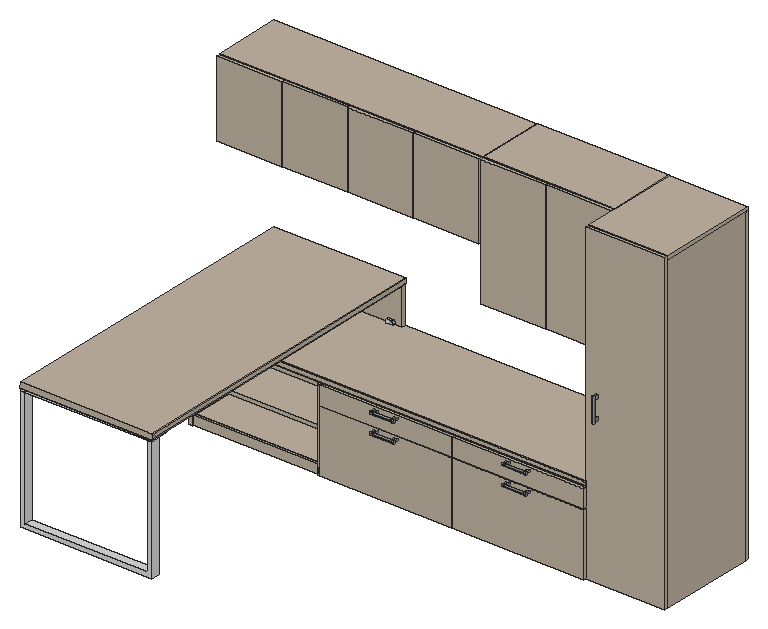
Revit family "JSI-Vision-Typical_Laminate-VST107", category Furniture, Revit 2020
Family settings
  OmniClass Number = 23.40.20.00
  OmniClass Title = General Furniture and Specialties
  Work Plane-Based = No
  Always vertical = Yes
  Cut with Voids When Loaded = No
  Shared = No
  Room Calculation Point = No
Parameters (values of type "VST107")
  URL = "www.jsifurniture.com"
  Type Comments = "Typical Laminate"  # constant formula
  Model = "VST107"
  Manufacturer = "JSI"  # constant formula
  Keynote = "12500"
  Default Elevation = 0"
  Assembly Code = "E2020200"
Reference planes (in)
  plane 1 "Center Front/Back": y = 0
  plane 2: z = 0
  plane 3 "Center Left/Right": x = 0
Dimensions and locks (in)
  aligned and locked: plane 2 to level
Nested families (in)
  nested 1: "JSI-Vision-Double_Height_Wall_Mount_Overhead_Cabinets" at (-47.875, 0, -0.3125), type "VST1630WDSO, Laminate Dbl Height Wall Mount OH Cab. 16" x 30", 2 Doors"
    with Overall Height 72", Verticall Partition Distance 29 9/16", Unit Centre 15", Width 30", Right Vertical Partition no, Left Vertical Partition no, Door Width Actual 14 11/16", Door Array Spacing 14 13/16", Door Width 14 11/16", # of Doors 2
  nested 2: "JSI-Vision-Wall_Mount_Overhead_Cabinets" at (-107.875, 0, -0.3125), type "VST1660WSO, Laminate Wall Mount OH Cab. 16" x 60", 4 Doors"
    with Overall Height 72", Verticall Partition Distance 29 3/4", Unit Centre 30", Width 60", Door Width Actual 14 25/32", Door Array Spacing 14 29/32", Door Width 14 25/32"
  nested 3: "JSI-Vision-Wardrobe" at (-17.875, 0, 0), type "VST2418-72WR - Wardrobe - 1 Doors 36"W x 24"D x 72"H"
    with Vertical Partition no, Top-Right Shelve no, Width 18", Unit Centre 8 15/16", Shelve Width 7 13/16", Right surface Dist. to Vertical Partition 3/4", Pull Distance 15 1/4", Left Shelves no, Left Door no, Height 72", Hanging Bar Distance 6 3/4", Door Width 17 3/4", Bottom-Right Shelves yes, Adjustable Shelves Array Distance 13.95", Actual Width 17 7/8", Actual Height 71 11/16", # of Adjustable Shelves 4
  nested 4: "JSI-Vision-Rectangle_Desk_Top" at (-107.6875, -72.125, -1.4594) x (0, 1, 0) z (0, 0, 1), type "VST3072MCT, Laminate Rectangular Desk Top, 30" x 72""
    with Width 72"
  nested 5: "JSI-Vision-Open_Shelf_Modular_Bench_Pedestal" at (-107.875, -0.75, 0), type "VSTB2430MOS, Laminate OS Modular Bench H Ped"
    with Width 30", Height 18.744", Depth 24"
  nested 6: "JSI-Vision-Bench_Height_Modular_Top" at (-107.875, 0, -0.6469), type "VSTB2490MT, Laminate Mod Bench H Top, 24" x 90""
    with Width 90", Depth 24"
  nested 7: "JSI-Vision-Box_File_Modular_Bench_Pedestal" at (-77.875, -0.375, 0), type "VSTB2430MBF, Laminate BF Modular Bench H Ped"
    with Width 30", Height 18.744", Depth 24"
  nested 8: "JSI-Vision-Box_File_Modular_Bench_Pedestal" at (-47.875, -0.375, 0), type "VSTB2430MBF, Laminate BF Modular Bench H Ped"
    with Width 30", Height 18.744", Depth 24"
  nested 9: "JSI-Vision-Bench_Height_Support_with_Metal_Braces" at (-77.875, -0.125, 0.5406) x (0, -1, 0) z (0, 0, 1), type "VSTB1030ASP, Vision Bench Height Support with Metal Braces 8 1/2"H, 30"W"
  nested 10: "JSI-Vision-Metal_Rectangular_Base" at (-77.78125, -71.125, 0) x (0, -1, 0) z (0, 0, 1), type "VSB3028FSQ, Metal Rectangular Base for Peninsula 28 5/16"H"
  nested 11: "JSI-Vision-Support_Rail_Work_Surface" at (-93.6875, -62.125, 0.79088) x (0, 1, 0) z (0, 0, 1), type "GP0249SB, Metal Support Rail for Work Surface  2W49 L 3/4H"
  nested 12: "JSI-Vision-Filler_Back_Panel_for_Bench_Height" at (-107.875, 0, 0), type "VSTB0419MBK, Filler Back Panel for Bench Height 18 3/4"H, 4"W"
Definition of nested family "JSI-Vision-Double_Height_Wall_Mount_Overhead_Cabinets"
  Parameters (values of type "Double H Wall Mount OH - Type Catalog Family")
    Verticall Partition Distance = (Door Width * 2) + 3/16"  # 29 13/16"
    Unit Centre = Width / 2  # 45"
    Top = none
    Width = 90"
    URL = "www.jsifurniture.com"
    Type Comments = ""
    Tag = "4 Doors"
    Series = "Vision Casegoods"  # constant formula
    Right Vertical Partition = yes
    Overhead Height = 1 1/2"
    Overall Height [instance] = 72"
    Model = "Type Catalog"
    Material = ""
    Manufacturer = "JSI"  # constant formula
    Left Vertical Partition = yes
    Keynote = "12500"  # constant formula
    JSI Enviromental Website = "http://www.jsifurniture.com/jsi_sustainability_intro.php"
    Height = 30"
    Door Width Actual = if(# of Doors > 4, ((Width - 1 1/8") / # of Doors), if(# of Doors > 3, (((Width - 1 1/8") / # of Doors) + 1/16"), if(# of Doors > 2, (((Width - 1 1/8") / # of Doors) + 1/8"), (((Width - 1 1/8") / # of Doors) + 1/4"))))  # 14 13/16"
    Door Array Spacing = Door Width + 1/8"  # 14 15/16"
    Door Width = Door Width Actual  # 14 13/16"
    Door Front = none
    Description = "Type Catalog"
    Depth = 16"
    Default Elevation = 0"
    Chassis = none
    Assembly Code = "E2020200"
    # of Doors = if(Width > 89", 6, (if(Width > 53", 4, (if(Width > 41", 3, (if(Width > 30", 2, 2)))))))  # 6
  Reference planes (in)
    plane 1 "Center Front/Back": y = 0
    plane 2: z = 0
    plane 3 "Center Left/Right": x = 0
    plane 4: z = 0
    plane 5: y = -0.125
    plane 6: x = 90
    plane 7: x = 0.125
    plane 8: x = 89.875
    plane 9: y = -15.5625
    plane 10: y = -16
    plane 11: z = 72
    plane 12: z = 71.5
    plane 13: x = 0.875
    plane 14: x = 89.125
    plane 15: y = -0.875
    plane 16: z = 71.25
    plane 17: z = 44
    plane 18: z = 44.75
    plane 19: z = 42.5
    plane 20: y = -14.8125
    plane 21: z = 58
    plane 22: x = 0.25
    plane 23: x = 89.75
    plane 24: z = 71.9375
    plane 25: z = 42.6875
    plane 26: y = -15.6875
    plane 27: y = -16.4375
    plane 28: x = 45
    plane 29: x = 30.0625
    plane 30: x = 59.9375
    plane 31: z = 42.5
    plane 32: z = 72.5
    plane 33: z = 66.0625
    plane 34: x = 1.5
    plane 35: x = 88.5
    plane 36: z = 48.0625
  Forms (in)
    Extrusion 1, solid, material <- "Chassis"
      sketch origin (0, 0, 0) x (1, 0, 0) y (0, 1, 0)
        loop
          line (0.125, -0.125) -> (0.125, -15.5625) -> (0.875, -15.5625) -> (0.875, -0.125) -> (0.125, -0.125)
      from 42.5 to 71.25
    Extrusion 2, solid, material <- "Chassis"
      sketch origin (0, 0, 0) x (1, 0, 0) y (0, 1, 0)
        loop
          line (89.875, -0.125) -> (89.125, -0.125) -> (89.125, -15.5625) -> (89.875, -15.5625) -> (89.875, -0.125)
      from 42.5 to 71.25
    Extrusion 3, solid, material <- "Top"
      sketch origin (0, 0, 0) x (1, 0, 0) y (0, 0, 1)
        loop
          line (0.125, 72) -> (0.125, 71.25) -> (89.875, 71.25) -> (89.875, 72) -> (0.125, 72)
      from 0.125 to 15.5625
    Extrusion 4, solid, material <- "Chassis"
      sketch origin (0, 0, 0) x (1, 0, 0) y (0, 0, 1)
        loop
          line (0.875, 44.75) -> (0.875, 44) -> (89.125, 44) -> (89.125, 44.75) -> (0.875, 44.75)
      from 1.6875 to 15.5625
    Extrusion 5, solid, material <- "Chassis"
      sketch origin (0, 0, 0) x (1, 0, 0) y (0, 1, 0)
        loop
          line (0.875, -14.0625) -> (0.875, -14.8125) -> (89.125, -14.8125) -> (89.125, -14.0625) -> (0.875, -14.0625)
      from 42.5 to 44
    Extrusion 6, solid, material <- "Chassis"
      sketch origin (0, 0, 0) x (1, 0, 0) y (0, 0, 1)
        loop
          line (0.875, 58.375) -> (0.875, 57.625) -> (89.125, 57.625) -> (89.125, 58.375) -> (0.875, 58.375)
      from 1.6875 to 15.5625
    Extrusion 7, solid, material <- "Door Front"
      sketch origin (-3, 0, 17.5) x (1, 0, 0) y (0, 1, 0)
        loop
          line (3.25, -15.6875) -> (3.25, -16.4375) -> (18.0625, -16.4375) -> (18.0625, -15.6875) -> (3.25, -15.6875)
      from 25.1875 to 54.4375
    Extrusion 8, solid, material <- "Door Front"
      sketch origin (11.9375, 0, 17.5) x (1, 0, 0) y (0, 1, 0)
        loop
          line (3.25, -15.6875) -> (3.25, -16.4375) -> (18.0625, -16.4375) -> (18.0625, -15.6875) -> (3.25, -15.6875)
      from 25.1875 to 54.4375
    Extrusion 9, solid, material <- "Chassis"
      sketch origin (130.61992, -0.9375, 48) x (1, 0, 0) y (0, 0, 1)
        loop
          line (-129.74492, 23.25) -> (-129.74492, -5.5) -> (-41.49492, -5.5) -> (-41.49492, 23.25) -> (-129.74492, 23.25)
      from 0 to 0.75
    Extrusion 10, solid, material <- "Chassis", visible <- "Left Vertical Partition"
      sketch origin (45.0625, -15.5625, 48) x (1, 0, 0) y (0, 0, 1)
        loop
          line (-15.375, 23.25) -> (-15.375, 10.375) -> (-14.625, 10.375) -> (-14.625, 23.25) -> (-15.375, 23.25)
        loop
          line (-15.375, 9.625) -> (-15.375, -3.25) -> (-14.625, -3.25) -> (-14.625, 9.625) -> (-15.375, 9.625)
      from -13.875 to 0
    Extrusion 11, solid, material <- "Chassis", visible <- "Right Vertical Partition"
      sketch origin (60, -15.5625, 48) x (1, 0, 0) y (0, 0, 1)
        loop
          line (-0.4375, 23.25) -> (-0.4375, 10.375) -> (0.3125, 10.375) -> (0.3125, 23.25) -> (-0.4375, 23.25)
        loop
          line (-0.4375, 9.625) -> (-0.4375, -3.25) -> (0.3125, -3.25) -> (0.3125, 9.625) -> (-0.4375, 9.625)
      from -13.875 to 0
    Extrusion 12, solid, material <- "Chassis"
      sketch origin (1.5, -180, 96) x (0, 0, 1) y (0, -1, 0)
        loop
          line (-24.75, -179.875) -> (-24.75, -179.0625) -> (-26.9375, -179.0625) -> (-27.75, -179.875) -> (-24.75, -179.875)
        loop
          line (-42.75, -179.875) -> (-42.75, -179.0625) -> (-44.9375, -179.0625) -> (-45.75, -179.875) -> (-42.75, -179.875)
      from -0.625 to 87.625
    Extrusion 13, solid, material <- "Door Front"
      sketch origin (26.875, 0, 17.5) x (1, 0, 0) y (0, 1, 0)
        loop
          line (3.25, -15.6875) -> (3.25, -16.4375) -> (18.0625, -16.4375) -> (18.0625, -15.6875) -> (3.25, -15.6875)
      from 25.1875 to 54.4375
    Extrusion 14, solid, material <- "Door Front"
      sketch origin (41.8125, 0, 17.5) x (1, 0, 0) y (0, 1, 0)
        loop
          line (3.25, -15.6875) -> (3.25, -16.4375) -> (18.0625, -16.4375) -> (18.0625, -15.6875) -> (3.25, -15.6875)
      from 25.1875 to 54.4375
    Extrusion 15, solid, material <- "Door Front"
      sketch origin (56.75, 0, 17.5) x (1, 0, 0) y (0, 1, 0)
        loop
          line (3.25, -15.6875) -> (3.25, -16.4375) -> (18.0625, -16.4375) -> (18.0625, -15.6875) -> (3.25, -15.6875)
      from 25.1875 to 54.4375
    Extrusion 16, solid, material <- "Door Front"
      sketch origin (71.6875, 0, 17.5) x (1, 0, 0) y (0, 1, 0)
        loop
          line (3.25, -15.6875) -> (3.25, -16.4375) -> (18.0625, -16.4375) -> (18.0625, -15.6875) -> (3.25, -15.6875)
      from 25.1875 to 54.4375
  Lines and regions (in)
    symbolic lines
      curve 1: line (15.0625, -15.6875, 0) -> (0.25, -15.6875, 0)
      curve 2: line (0.25, -15.6875, 0) -> (0.25, -16.4375, 0)
      curve 3: line (0.25, -16.4375, 0) -> (15.0625, -16.4375, 0)
      curve 4: line (15.0625, -16.4375, 0) -> (15.0625, -15.6875, 0)
      curve 5: line (30, -15.6875, 0) -> (15.1875, -15.6875, 0)
      curve 6: line (15.1875, -15.6875, 0) -> (15.1875, -16.4375, 0)
      curve 7: line (15.1875, -16.4375, 0) -> (30, -16.4375, 0)
      curve 8: line (30, -16.4375, 0) -> (30, -15.6875, 0)
      curve 9: line (44.9375, -15.6875, 0) -> (30.125, -15.6875, 0)
      curve 10: line (30.125, -15.6875, 0) -> (30.125, -16.4375, 0)
      curve 11: line (30.125, -16.4375, 0) -> (44.9375, -16.4375, 0)
      curve 12: line (44.9375, -16.4375, 0) -> (44.9375, -15.6875, 0)
      curve 13: line (0.125, -15.5625, 0) -> (89.875, -15.5625, 0)
      curve 14: line (0.125, -0.125, 0) -> (0.125, -15.5625, 0)
      curve 15: line (89.875, -0.125, 0) -> (0.125, -0.125, 0)
      curve 16: line (89.875, -15.5625, 0) -> (89.875, -0.125, 0)
      curve 17: line (59.875, -15.6875, 0) -> (45.0625, -15.6875, 0)
      curve 18: line (45.0625, -15.6875, 0) -> (45.0625, -16.4375, 0)
      curve 19: line (45.0625, -16.4375, 0) -> (59.875, -16.4375, 0)
      curve 20: line (59.875, -16.4375, 0) -> (59.875, -15.6875, 0)
      curve 21: line (74.8125, -15.6875, 0) -> (60, -15.6875, 0)
      curve 22: line (60, -15.6875, 0) -> (60, -16.4375, 0)
      curve 23: line (60, -16.4375, 0) -> (74.8125, -16.4375, 0)
      curve 24: line (74.8125, -16.4375, 0) -> (74.8125, -15.6875, 0)
      curve 25: line (89.75, -15.6875, 0) -> (74.9375, -15.6875, 0)
      curve 26: line (74.9375, -15.6875, 0) -> (74.9375, -16.4375, 0)
      curve 27: line (74.9375, -16.4375, 0) -> (89.75, -16.4375, 0)
      curve 28: line (89.75, -16.4375, 0) -> (89.75, -15.6875, 0)
  Dimensions and locks (in)
    plane 3 "Center Left/Right" to plane 7 to plane 22 = 1/8" locked, 1/8" locked
    plane 23 to plane 8 to plane 6 = 1/8" locked, 1/8" locked
    Extrusion 9 to Extrusion 12 to plane 5 to plane 1 "Center Front/Back" = 3/4" locked, 13/16" locked, 1/8" locked
    plane 10 to plane 9 to plane 20 = 7/16" locked, 3/4" locked
    "Width": plane 3 "Center Left/Right" to plane 6
    "Depth": plane 10 to plane 1 "Center Front/Back"
    locked: plane 11 to plane 12 at 0.5
    locked: plane 7 to plane 13 at 0.75
    locked: plane 14 to plane 8 at 0.75
    locked: plane 15 to plane 5 at 0.75
    locked: plane 11 to plane 16 at 0.75
    plane 18 to plane 17 to plane 19 = 3/4" locked, 1 1/2" locked
    equal spacing: plane 16, plane 21, plane 18
    locked: plane 11 to plane 24 at 0.0625
    locked: plane 25 to plane 19 at 0.1875
    plane 27 to plane 26 to plane 9 = 3/4" locked, 1/8" locked
    "Door Width": Extrusion 7 sketch curve to Extrusion 7 sketch curve
    "Door Width": Extrusion 8 sketch curve to Extrusion 8 sketch curve
    equal spacing: group 1, group 2, group 3, group 4, group 5, group 6  (x3)
    "Door Array Spacing": Extrusion 7 to Extrusion 8
    "Verticall Partition Distance": plane 22 to plane 29
    "Verticall Partition Distance": plane 30 to plane 23
    "Unit Centre": plane 3 "Center Left/Right" to plane 28
    "Overhead Height": plane 17 to plane 31
    "Height": plane 32 to plane 31
    locked: plane 32 to plane 11 at 0.5
    locked: plane 36 to plane 18 at 3.3125
    locked: plane 13 to plane 34 at 0.625
    locked: plane 35 to plane 14 at 0.625
    "Door Width": Extrusion 13 sketch curve to Extrusion 13 sketch curve
    plane 16 to plane 33 = 5 3/16"
    "Overall Height": plane 11 to level
    plane 32 to Extrusion 12 sketch curve to Extrusion 12 sketch curve to Extrusion 12 sketch curve to Extrusion 12 sketch curve to Extrusion 12 sketch curve to Extrusion 12 sketch curve = 1 1/4" locked, 2 3/16" locked, 13/16" locked, 15" locked, 2 3/16" locked, 13/16" locked
    locked: plane 5 to Extrusion 12 sketch curve at 0.8125
    Extrusion 6 sketch curve to plane 21 to Extrusion 6 sketch curve = 3/8" locked, 3/8" locked
    locked: plane 20 to Extrusion 5 sketch curve at 0.75
    Extrusion 11 sketch curve to plane 30 to Extrusion 11 sketch curve = 3/8" locked, 3/8" locked
    "Door Width": Extrusion 14 sketch curve to Extrusion 14 sketch curve
    "Door Width": Extrusion 15 sketch curve to Extrusion 15 sketch curve
    "Door Width": Extrusion 16 sketch curve to Extrusion 16 sketch curve
    Extrusion 10 sketch curve to plane 29 to Extrusion 10 sketch curve = 3/8" locked, 3/8" locked
    aligned and locked: level to plane 2
    aligned and locked: plane 5 to Extrusion 1 sketch curve
    aligned and locked: plane 7 to Extrusion 1 sketch curve
    aligned and locked: Extrusion 1 sketch curve to plane 13
    aligned and locked: Extrusion 2 sketch curve to plane 5
    aligned and locked: plane 8 to Extrusion 2 sketch curve
    aligned and locked: Extrusion 2 sketch curve to plane 14
    aligned and locked: Extrusion 3 sketch curve to plane 11
    aligned and locked: plane 7 to Extrusion 3 sketch curve
    aligned and locked: Extrusion 3 to plane 5
    aligned and locked: plane 9 to Extrusion 1
    aligned and locked: plane 9 to Extrusion 2
    aligned and locked: plane 9 to Extrusion 3
    aligned and locked: Extrusion 4 sketch curve to plane 18
    aligned and locked: plane 13 to Extrusion 4 sketch curve
    aligned and locked: plane 17 to Extrusion 4 sketch curve
    aligned and locked: Extrusion 4 sketch curve to plane 14
    aligned and locked: plane 9 to Extrusion 4
    aligned and locked: plane 13 to Extrusion 5 sketch curve
    aligned and locked: Extrusion 5 sketch curve to plane 20
    aligned and locked: Extrusion 5 sketch curve to plane 14
    aligned and locked: plane 17 to Extrusion 5
    aligned and locked: Extrusion 5 to plane 19
    aligned and locked: plane 13 to Extrusion 6 sketch curve
    aligned and locked: Extrusion 6 sketch curve to plane 14
    aligned and locked: plane 9 to Extrusion 6
    aligned and locked: plane 24 to Extrusion 7
    aligned and locked: Extrusion 7 to plane 22
    aligned and locked: Extrusion 1 to Extrusion 9 sketch curve
    aligned and locked: Extrusion 2 to Extrusion 9 sketch curve
    aligned and locked: plane 28 to nested 1
    aligned and locked: plane 27 to nested 1
    aligned and locked: Extrusion 7 to plane 24
    aligned and locked: plane 24 to Extrusion 8
    aligned and locked: plane 16 to Extrusion 1
    aligned and locked: plane 16 to Extrusion 2
    aligned and locked: Extrusion 1 to plane 31
    aligned and locked: Extrusion 2 to plane 31
    aligned and locked: Extrusion 9 sketch curve to plane 31
    aligned and locked: Extrusion 10 sketch curve to plane 16
    aligned and locked: plane 18 to Extrusion 10 sketch curve
    aligned and locked: Extrusion 11 sketch curve to plane 16
    aligned and locked: plane 18 to Extrusion 11 sketch curve
    aligned and locked: plane 9 to Extrusion 10
    aligned and locked: plane 9 to Extrusion 11
    aligned and locked: plane 5 to Extrusion 12 sketch curve  (x2)
    aligned and locked: Extrusion 12 to plane 13
    aligned and locked: plane 14 to Extrusion 12
    aligned and locked: curve 1 to Extrusion 7
    aligned and locked: curve 2 to Extrusion 7
    aligned and locked: curve 3 to Extrusion 7
    aligned and locked: curve 4 to Extrusion 7
    aligned and locked: curve 5 to Extrusion 8
    aligned and locked: curve 6 to Extrusion 8
    aligned and locked: curve 7 to Extrusion 8
    aligned and locked: curve 8 to Extrusion 8
    aligned and locked: curve 9 to Extrusion 13
    aligned and locked: curve 10 to Extrusion 13
    aligned and locked: curve 11 to Extrusion 13
    aligned and locked: curve 12 to Extrusion 13
    aligned and locked: curve 14 to plane 7
    aligned and locked: curve 15 to plane 5
    aligned and locked: plane 9 to curve 13
    aligned and locked: plane 8 to curve 16
    aligned and locked: Extrusion 12 sketch curve to Extrusion 12 sketch curve
    aligned and locked: Extrusion 9 sketch curve to plane 16
    aligned and locked: Extrusion 11 sketch curve to Extrusion 11 sketch curve  (x2)
    aligned and locked: curve 17 to Extrusion 14
    aligned and locked: curve 18 to Extrusion 14
    aligned and locked: curve 19 to Extrusion 14
    aligned and locked: curve 20 to Extrusion 14
    aligned and locked: curve 21 to Extrusion 15
    aligned and locked: curve 22 to Extrusion 15
    aligned and locked: curve 23 to Extrusion 15
    aligned and locked: curve 24 to Extrusion 15
    aligned and locked: curve 25 to Extrusion 16
    aligned and locked: curve 26 to Extrusion 16
    aligned and locked: curve 27 to Extrusion 16
    aligned and locked: curve 28 to Extrusion 16
    aligned and locked: Extrusion 10 sketch curve to Extrusion 10 sketch curve  (x2)
  Automatic sketch dimensions
    Extrusion 1 sketch curve to plane 10 = 7/16"
    Extrusion 3 sketch curve to plane 8 = 0"
    Extrusion 3 sketch curve to plane 16 = 0"
    plane 9 to Extrusion 2 sketch curve = 0"
    Extrusion 7 sketch curve to Extrusion 7 sketch curve = 3/4"
    Extrusion 8 sketch curve to Extrusion 8 sketch curve = 3/4"
    curve 2 to curve 2 = 3/4"
    curve 2 to curve 3 = 14 13/16"
    curve 6 to curve 6 = 3/4"
    curve 6 to curve 7 = 14 13/16"
    Extrusion 13 sketch curve to Extrusion 13 sketch curve = 3/4"
    curve 10 to curve 10 = 3/4"
    curve 10 to curve 11 = 14 13/16"
    plane 21 to Extrusion 10 sketch curve = 3/8"
    plane 21 to Extrusion 11 sketch curve = 3/8"
    Extrusion 10 sketch curve to plane 21 = 3/8"
    Extrusion 11 sketch curve to plane 21 = 3/8"
    Extrusion 14 sketch curve to Extrusion 14 sketch curve = 3/4"
    curve 18 to curve 18 = 3/4"
    curve 18 to curve 19 = 14 13/16"
    Extrusion 15 sketch curve to Extrusion 15 sketch curve = 3/4"
    curve 22 to curve 22 = 3/4"
    curve 22 to curve 23 = 14 13/16"
    Extrusion 16 sketch curve to Extrusion 16 sketch curve = 3/4"
    curve 26 to curve 26 = 3/4"
    curve 26 to curve 27 = 14 13/16"
  Nested families (in)
    nested 1: "Label 1-16 OH" at (45, -16.4375, 0), type "OH DOORS"
  Definition of nested family "Label 1-16 OH"
    Parameters
      Width = 1"
      Model Name = "XX"
    Reference planes (in)
      plane 1: y = 0
      plane 2: x = 0
    Text (in)
      label "XX" at (0.00051, -0.12324, 0), shows "Model Name"
Definition of nested family "JSI-Vision-Wall_Mount_Overhead_Cabinets"
  Parameters (values of type "Wall Mount OH Cab - Type Catalog Family")
    Verticall Partition Distance = (Door Width * 2) + 3/16"  # 26 3/4"
    Unit Centre = Width / 2  # 27"
    Top = none
    Width = 54"
    URL = "www.jsifurniture.com"
    Type Comments = ""
    Tag = "4 Doors"
    Series = "Vision Casegoods"  # constant formula
    Right Vertical Partition = yes
    Overhead Height = 1 1/2"
    Overall Height [instance] = 72"
    Model = "Type Catalog"
    Material = ""
    Manufacturer = "JSI"  # constant formula
    Left Vertical Partition = yes
    Keynote = "12500"  # constant formula
    JSI Enviromental Website = "http://www.jsifurniture.com/jsi_sustainability_intro.php"
    Height = 18"
    Door Width Actual = if(# of Doors > 4, ((Width - 1 1/8") / # of Doors), if(# of Doors > 3, (((Width - 1 1/8") / # of Doors) + 1/16"), if(# of Doors > 2, (((Width - 1 1/8") / # of Doors) + 1/8"), (((Width - 1 1/8") / # of Doors) + 1/4"))))  # 13 9/32"
    Door Array Spacing = Door Width + 1/8"  # 13 13/32"
    Door Width = Door Width Actual  # 13 9/32"
    Door Front = none
    Description = "Type Catalog"
    Depth = 16"
    Default Elevation = 0"
    Chassis = none
    Assembly Code = "E2020200"
    # of Doors = if(Width > 89", 6, (if(Width > 53", 4, (if(Width > 41", 3, (if(Width > 30", 2, 2)))))))  # 4
  Reference planes (in)
    plane 1 "Center Front/Back": y = 0
    plane 2: z = 0
    plane 3 "Center Left/Right": x = 0
    plane 4 "a": z = 0
    plane 5: y = -0.125
    plane 6: x = 54
    plane 7: x = 0.125
    plane 8: x = 53.875
    plane 9: y = -15.5625
    plane 10: y = -16
    plane 11: z = 72
    plane 12: z = 71.5
    plane 13: x = 0.875
    plane 14: x = 53.125
    plane 15: y = -0.875
    plane 16: y = -0.9375
    plane 17: y = -1.6875
    plane 18: z = 71.25
    plane 19: z = 56
    plane 20: z = 56.75
    plane 21: z = 54.5
    plane 22: y = -14.8125
    plane 23: y = -14.0625
    plane 24: x = 0.25
    plane 25: x = 53.75
    plane 26: z = 71.9375
    plane 27: z = 54.6875
    plane 28: y = -15.6875
    plane 29: y = -16.4375
    plane 30: x = 18.0625
    plane 31: x = 18.1875
    plane 32: x = 18.125
    plane 33: x = 27
    plane 34: x = 27
    plane 35: x = 27
    plane 36: x = 26.625
    plane 37: x = 27.375
    plane 38: x = 26.625
    plane 39: x = 27.375
    plane 40: z = 54.5
    plane 41: z = 72.5
    plane 42: z = 66.0625
    plane 43: z = 69.0625
    plane 44: z = 68.25
    plane 45: x = 1.5
    plane 46: x = 52.5
  Forms (in)
    Extrusion 1, solid, material <- "Chassis"
      sketch origin (0, 0, 0) x (1, 0, 0) y (0, 1, 0)
        loop
          line (0.125, -0.125) -> (0.125, -15.5625) -> (0.875, -15.5625) -> (0.875, -0.125) -> (0.125, -0.125)
      from 54.5 to 71.25
    Extrusion 2, solid, material <- "Chassis"
      sketch origin (0, 0, 0) x (1, 0, 0) y (0, 1, 0)
        loop
          line (53.875, -0.125) -> (53.125, -0.125) -> (53.125, -15.5625) -> (53.875, -15.5625) -> (53.875, -0.125)
      from 54.5 to 71.25
    Extrusion 3, solid, material <- "Top"
      sketch origin (0, 0, 0) x (1, 0, 0) y (0, 0, 1)
        loop
          line (0.125, 72) -> (0.125, 71.25) -> (53.875, 71.25) -> (53.875, 72) -> (0.125, 72)
      from 0.125 to 15.5625
    Extrusion 4, solid, material <- "Chassis"
      sketch origin (0, 0, 0) x (1, 0, 0) y (0, 0, 1)
        loop
          line (0.875, 56.75) -> (0.875, 56) -> (53.125, 56) -> (53.125, 56.75) -> (0.875, 56.75)
      from 1.6875 to 15.5625
    Extrusion 5, solid, material <- "Chassis"
      sketch origin (0, 0, 0) x (1, 0, 0) y (0, 1, 0)
        loop
          line (0.875, -14.0625) -> (0.875, -14.8125) -> (53.125, -14.8125) -> (53.125, -14.0625) -> (0.875, -14.0625)
      from 54.5 to 56
    Extrusion 6, solid, material <- "Door Front"
      sketch origin (-4.53125, 0, 17.5) x (1, 0, 0) y (0, 1, 0)
        loop
          line (4.78125, -15.6875) -> (4.78125, -16.4375) -> (18.0625, -16.4375) -> (18.0625, -15.6875) -> (4.78125, -15.6875)
      from 37.1875 to 54.4375
    Extrusion 7, solid, material <- "Door Front"
      sketch origin (8.875, 0, 17.5) x (1, 0, 0) y (0, 1, 0)
        loop
          line (4.78125, -15.6875) -> (4.78125, -16.4375) -> (18.0625, -16.4375) -> (18.0625, -15.6875) -> (4.78125, -15.6875)
      from 37.1875 to 54.4375
    Extrusion 8, solid, material <- "Chassis", visible <- "Left Vertical Partition"
      sketch origin (0, 0, 0) x (1, 0, 0) y (0, 1, 0)
        loop
          line (26.625, -1.6875) -> (26.625, -15.5625) -> (27.375, -15.5625) -> (27.375, -1.6875) -> (26.625, -1.6875)
      from 56.75 to 71.25
    Extrusion 9, solid, material <- "Chassis", visible <- "Right Vertical Partition"
      sketch origin (0, 0, 0) x (1, 0, 0) y (0, 1, 0)
        loop
          line (26.625, -1.6875) -> (26.625, -15.5625) -> (27.375, -15.5625) -> (27.375, -1.6875) -> (26.625, -1.6875)
      from 56.75 to 71.25
    Extrusion 10, solid, material <- "Chassis"
      sketch origin (130.61992, -0.9375, 48) x (1, 0, 0) y (0, 0, 1)
        loop
          line (-129.74492, 23.25) -> (-129.74492, 6.5) -> (-77.49492, 6.5) -> (-77.49492, 23.25) -> (-129.74492, 23.25)
      from 0 to 0.75
    Extrusion 11, solid, material <- "Chassis"
      sketch origin (1.5, 60, 48) x (0, 1, 0) y (0, 0, 1)
        loop
          line (-60.125, 23.25) -> (-60.9375, 23.25) -> (-60.9375, 21.0625) -> (-60.125, 20.25) -> (-60.125, 23.25)
      from -0.625 to 51.625
    Extrusion 12, solid, material <- "Chassis"
      sketch origin (1.5, 60, 48) x (0, 1, 0) y (0, 0, 1)
        loop
          line (-60.9375, 21.0625) -> (-60.9375, 18.0625) -> (-60.125, 18.0625) -> (-60.125, 20.25) -> (-60.9375, 21.0625)
      from 0 to 51
    Extrusion 13, solid, material <- "Door Front"
      sketch origin (22.28125, 0, 17.5) x (1, 0, 0) y (0, 1, 0)
        loop
          line (4.78125, -15.6875) -> (4.78125, -16.4375) -> (18.0625, -16.4375) -> (18.0625, -15.6875) -> (4.78125, -15.6875)
      from 37.1875 to 54.4375
    Extrusion 14, solid, material <- "Door Front"
      sketch origin (35.6875, 0, 17.5) x (1, 0, 0) y (0, 1, 0)
        loop
          line (4.78125, -15.6875) -> (4.78125, -16.4375) -> (18.0625, -16.4375) -> (18.0625, -15.6875) -> (4.78125, -15.6875)
      from 37.1875 to 54.4375
  Lines and regions (in)
    symbolic lines
      curve 1: line (0.125, -0.125, 0) -> (0.125, -15.5625, 0)
      curve 2: line (53.875, -0.125, 0) -> (0.125, -0.125, 0)
      curve 3: line (0.125, -15.5625, 0) -> (53.875, -15.5625, 0)
      curve 4: line (53.875, -15.5625, 0) -> (53.875, -0.125, 0)
      curve 5: line (13.53125, -15.6875, 0) -> (0.25, -15.6875, 0)
      curve 6: line (0.25, -15.6875, 0) -> (0.25, -16.4375, 0)
      curve 7: line (0.25, -16.4375, 0) -> (13.53125, -16.4375, 0)
      curve 8: line (13.53125, -16.4375, 0) -> (13.53125, -15.6875, 0)
      curve 9: line (26.9375, -15.6875, 0) -> (13.65625, -15.6875, 0)
      curve 10: line (13.65625, -15.6875, 0) -> (13.65625, -16.4375, 0)
      curve 11: line (13.65625, -16.4375, 0) -> (26.9375, -16.4375, 0)
      curve 12: line (26.9375, -16.4375, 0) -> (26.9375, -15.6875, 0)
      curve 13: line (40.34375, -15.6875, 0) -> (27.0625, -15.6875, 0)
      curve 14: line (27.0625, -15.6875, 0) -> (27.0625, -16.4375, 0)
      curve 15: line (27.0625, -16.4375, 0) -> (40.34375, -16.4375, 0)
      curve 16: line (40.34375, -16.4375, 0) -> (40.34375, -15.6875, 0)
      curve 17: line (53.75, -15.6875, 0) -> (40.46875, -15.6875, 0)
      curve 18: line (40.46875, -15.6875, 0) -> (40.46875, -16.4375, 0)
      curve 19: line (40.46875, -16.4375, 0) -> (53.75, -16.4375, 0)
      curve 20: line (53.75, -16.4375, 0) -> (53.75, -15.6875, 0)
  Dimensions and locks (in)
    plane 3 "Center Left/Right" to plane 7 to plane 24 = 1/8" locked, 1/8" locked
    plane 25 to plane 8 to plane 6 = 1/8" locked, 1/8" locked
    locked: plane 5 to plane 1 "Center Front/Back" at 0.125
    plane 10 to plane 9 to plane 22 to plane 23 = 7/16" locked, 3/4" locked, 3/4" locked
    "Width": plane 3 "Center Left/Right" to plane 6
    "Depth": plane 10 to plane 1 "Center Front/Back"
    locked: plane 11 to plane 12 at 0.5
    plane 7 to plane 13 to plane 45 = 3/4" locked, 5/8" locked
    plane 46 to plane 14 to plane 8 = 5/8" locked, 3/4" locked
    locked: plane 15 to plane 5 at 0.75
    plane 17 to plane 16 to plane 5 = 3/4" locked, 13/16" locked
    locked: plane 11 to plane 18 at 0.75
    plane 20 to plane 19 to plane 21 = 3/4" locked, 1 1/2" locked
    locked: plane 11 to plane 26 at 0.0625
    locked: plane 27 to plane 21 at 0.1875
    plane 29 to plane 28 to plane 9 = 3/4" locked, 1/8" locked
    plane 30 to plane 32 to plane 31 = 1/16" locked, 1/16" locked
    "Door Width": Extrusion 6 sketch curve to Extrusion 6 sketch curve
    "Door Width": Extrusion 7 sketch curve to Extrusion 7 sketch curve
    equal spacing: group 1, group 2, group 3, group 4  (x3)
    "Door Array Spacing": Extrusion 6 to Extrusion 7
    "Verticall Partition Distance": plane 24 to plane 34
    plane 36 to plane 34 to plane 37 = 3/8" locked, 3/8" locked
    plane 38 to plane 35 to plane 39 = 3/8" locked, 3/8" locked
    "Verticall Partition Distance": plane 35 to plane 25
    "Unit Centre": plane 3 "Center Left/Right" to plane 33
    "Overhead Height": plane 19 to plane 40
    locked: plane 41 to plane 11 at 0.5
    "Height": plane 41 to plane 40
    plane 18 to plane 43 to plane 44 to plane 42 = 2 3/16" locked, 13/16" locked, 2 3/16" locked
    "Door Width": Extrusion 13 sketch curve to Extrusion 13 sketch curve
    "Door Width": Extrusion 14 sketch curve to Extrusion 14 sketch curve
    "Overall Height": plane 11 to level
    aligned and locked: level to plane 2
    aligned and locked: plane 5 to Extrusion 1 sketch curve
    aligned and locked: plane 7 to Extrusion 1 sketch curve
    aligned and locked: Extrusion 1 sketch curve to plane 13
    aligned and locked: Extrusion 2 sketch curve to plane 5
    aligned and locked: plane 8 to Extrusion 2 sketch curve
    aligned and locked: Extrusion 2 sketch curve to plane 14
    aligned and locked: Extrusion 3 sketch curve to plane 11
    aligned and locked: plane 7 to Extrusion 3 sketch curve
    aligned and locked: Extrusion 3 to plane 5
    aligned and locked: plane 9 to Extrusion 1
    aligned and locked: plane 9 to Extrusion 2
    aligned and locked: plane 9 to Extrusion 3
    aligned and locked: Extrusion 4 sketch curve to plane 20
    aligned and locked: plane 13 to Extrusion 4 sketch curve
    aligned and locked: plane 19 to Extrusion 4 sketch curve
    aligned and locked: Extrusion 4 sketch curve to plane 14
    aligned and locked: Extrusion 4 to plane 17
    aligned and locked: plane 9 to Extrusion 4
    aligned and locked: plane 23 to Extrusion 5 sketch curve
    aligned and locked: plane 13 to Extrusion 5 sketch curve
    aligned and locked: Extrusion 5 sketch curve to plane 22
    aligned and locked: Extrusion 5 sketch curve to plane 14
    aligned and locked: plane 19 to Extrusion 5
    aligned and locked: Extrusion 5 to plane 21
    aligned and locked: plane 26 to Extrusion 6
    aligned and locked: Extrusion 6 to plane 24
    aligned and locked: plane 17 to Extrusion 8 sketch curve
    aligned and locked: plane 36 to Extrusion 8 sketch curve
    aligned and locked: Extrusion 8 sketch curve to plane 9
    aligned and locked: Extrusion 8 sketch curve to plane 37
    aligned and locked: plane 17 to Extrusion 9 sketch curve
    aligned and locked: plane 38 to Extrusion 9 sketch curve
    aligned and locked: Extrusion 9 sketch curve to plane 9
    aligned and locked: Extrusion 9 sketch curve to plane 39
    aligned and locked: plane 18 to Extrusion 8
    aligned and locked: Extrusion 8 to plane 20
    aligned and locked: plane 18 to Extrusion 9
    aligned and locked: Extrusion 9 to plane 20
    aligned and locked: Extrusion 1 to Extrusion 10 sketch curve
    aligned and locked: Extrusion 10 sketch curve to Extrusion 1
    aligned and locked: Extrusion 2 to Extrusion 10 sketch curve
    aligned and locked: Extrusion 10 to plane 16
    aligned and locked: plane 17 to Extrusion 10
    aligned and locked: plane 33 to nested 1
    aligned and locked: plane 29 to nested 1
    aligned and locked: plane 26 to Extrusion 7
    aligned and locked: plane 18 to Extrusion 1
    aligned and locked: plane 18 to Extrusion 2
    aligned and locked: curve 1 to Extrusion 3
    aligned and locked: curve 2 to Extrusion 3
    aligned and locked: curve 3 to Extrusion 3
    aligned and locked: curve 4 to Extrusion 3
    aligned and locked: Extrusion 1 to plane 40
    aligned and locked: Extrusion 2 to plane 40
    aligned and locked: Extrusion 10 sketch curve to plane 40
    aligned and locked: Extrusion 6 to plane 26
    aligned and locked: Extrusion 7 to plane 26
    aligned and locked: Extrusion 11 sketch curve to plane 18
    aligned and locked: plane 5 to Extrusion 11 sketch curve
    aligned and locked: Extrusion 11 sketch curve to plane 16
    aligned and locked: plane 43 to Extrusion 11 sketch curve
    aligned and locked: plane 44 to Extrusion 11 sketch curve
    aligned and locked: Extrusion 11 to plane 13
    aligned and locked: plane 14 to Extrusion 11
    aligned and locked: Extrusion 12 sketch curve to Extrusion 11
    aligned and locked: Extrusion 12 sketch curve to plane 5
    aligned and locked: plane 16 to Extrusion 12 sketch curve
    aligned and locked: Extrusion 12 sketch curve to plane 42
    aligned and locked: plane 43 to Extrusion 12 sketch curve
    aligned and locked: plane 44 to Extrusion 12 sketch curve
    aligned and locked: Extrusion 12 to plane 45
    aligned and locked: plane 46 to Extrusion 12
    aligned and locked: curve 5 to Extrusion 6
    aligned and locked: curve 6 to Extrusion 6
    aligned and locked: curve 7 to Extrusion 6
    aligned and locked: curve 8 to Extrusion 6
    aligned and locked: curve 9 to Extrusion 7
    aligned and locked: curve 10 to Extrusion 7
    aligned and locked: curve 11 to Extrusion 7
    aligned and locked: curve 12 to Extrusion 7
    aligned and locked: curve 13 to Extrusion 13
    aligned and locked: curve 14 to Extrusion 13
    aligned and locked: curve 15 to Extrusion 13
    aligned and locked: curve 16 to Extrusion 13
    aligned and locked: curve 17 to Extrusion 14
    aligned and locked: curve 18 to Extrusion 14
    aligned and locked: curve 19 to Extrusion 14
    aligned and locked: curve 20 to Extrusion 14
  Automatic sketch dimensions
    Extrusion 1 sketch curve to plane 10 = 7/16"
    Extrusion 3 sketch curve to plane 8 = 0"
    Extrusion 3 sketch curve to plane 18 = 0"
    plane 9 to Extrusion 2 sketch curve = 0"
    Extrusion 6 sketch curve to Extrusion 6 sketch curve = 3/4"
    Extrusion 7 sketch curve to Extrusion 7 sketch curve = 3/4"
    curve 6 to curve 6 = 3/4"
    curve 6 to curve 7 = 13 9/32"
    curve 10 to curve 10 = 3/4"
    curve 10 to curve 11 = 13 9/32"
    Extrusion 13 sketch curve to Extrusion 13 sketch curve = 3/4"
    curve 14 to curve 14 = 3/4"
    curve 14 to curve 15 = 13 9/32"
    Extrusion 14 sketch curve to Extrusion 14 sketch curve = 3/4"
    curve 18 to curve 18 = 3/4"
    curve 18 to curve 19 = 13 9/32"
  Nested families (in)
    nested 1: "Label 1-16 OH" at (27, -16.4375, 0), type "OH DOORS"
  Definition of nested family "Label 1-16 OH"
    Parameters
      Width = 1"
      Model Name = "XX"
    Reference planes (in)
      plane 1: y = 0
      plane 2: x = 0
    Text (in)
      label "XX" at (0.00051, -0.12324, 0), shows "Model Name"
Definition of nested family "JSI-Vision-Wardrobe"
  Parameters (values of type "Type Catalog")
    Vertical Partition = yes
    Top-Right Shelve = yes
    Top = none
    Width = 36"
    Unit Centre = Actual Width / 2  # 17 15/16"
    URL = "www.jsifurniture.com"
    Type Comments = ""
    Tag = "Storage/Wardrobe"
    Shelve Width = (Actual Width - 2 1/4") / 2  # 16 13/16"
    Shelve Depth = Depth - 2 13/16"  # 21 3/16"
    Series = "Vision Casegoods"  # constant formula
    Right surface Dist. to Vertical Partition = if(Vertical Partition, (Unit Centre + 3/8"), 3/4")  # 18 5/16"
    Right Door = yes
    Pull Finish = none
    Pull Distance = Door Width - 2 1/2"  # 15 5/16"
    Model = "Type Catalog"
    Material = ""
    Manufacturer = "JSI"  # constant formula
    Left Shelves = yes
    Left Door = yes
    Keynote = "12500"
    JSI Enviromental Website = "http://www.jsifurniture.com/jsi_sustainability_intro.php"
    Height = 84"
    Hanging Bar Distance = if(Height > 72", (Adjustable Shelves Array Distance + 6 3/4"), 6 3/4")  # 20 3/8"
    Door Width = if(Vertical Partition, ((Actual Width - (1/4")) / 2), (Actual Width - 1/8"))  # 17 13/16"
    Door Front = none
    Description = "Type Catalog"
    Depth = 24"
    Default Elevation = 0"
    Chassis = none
    Bottom-Right Shelves = no
    Assembly Code = "E2020200"
    Adjustable Shelves Array Distance = (Actual Height - 1 15/16") / (# of Adjustable Shelves + 1)  # 13 5/8"
    Actual Width = Width - 1/8"  # 35 7/8"
    Actual Height = if(Height > 54", (Height - 5/16"), (if(Height > 42", (Height + 1 1/8"), if(Height > 30", (Height - 3/8"), (Height - 13/16")))))  # 83 11/16"
    # of Adjustable Shelves = if(Height > 72", 5, 4)  # 5
  Reference planes (in)
    plane 1 "Center Front/Back": y = 0
    plane 2: z = 0
    plane 3 "Center Left/Right": x = 0
    plane 4: z = 0
    plane 5: x = 35.875
    plane 6: y = -0.125
    plane 7: y = -23
    plane 8: z = 83.6875
    plane 9: y = -0.875
    plane 10: y = -22.8125
    plane 11: y = -22.0625
    plane 12: x = 0.75
    plane 13: x = 35.125
    plane 14: z = 1.1875
    plane 15: z = 1.9375
    plane 16: z = 82.9375
    plane 17: z = 83.3125
    plane 18: z = 15.1875
    plane 19: z = 28.8125
    plane 20: z = 42.4375
    plane 21: z = 56.0625
    plane 22: z = 69.6875
    plane 23: z = 70.0625
    plane 24: z = 69.3125
    plane 25: z = 56.4375
    plane 26: z = 55.6875
    plane 27: z = 42.8125
    plane 28: z = 42.0625
    plane 29: z = 29.1875
    plane 30: z = 28.4375
    plane 31: z = 15.5625
    plane 32: z = 14.8125
    plane 33: x = 17.9375
    plane 34: x = 0.0625
    plane 35: x = 35.8125
    plane 36: x = 18
    plane 37: x = 17.875
    plane 38: z = 0.125
    plane 39: y = -23.125
    plane 40: y = -23.875
    plane 41: z = 1.5625
    plane 42: x = 18.3125
    plane 43: x = 17.5625
    plane 44: y = -24
    plane 45: z = 83.625
    plane 46: z = 63.3125
    plane 47: y = -11.5625
    plane 48: z = 41.84375
    plane 49: x = 20.5
    plane 50: x = 15.375
    plane 51: z = 20.3125
    plane 52: z = 19.5625
    plane 53: x = 18.3125
  Forms (in)
    Extrusion 1, solid, material <- "Chassis"
      sketch origin (0, 0, 0) x (1, 0, 0) y (0, 1, 0)
        loop
          line (0, -0.125) -> (0, -0.875) -> (35.875, -0.875) -> (35.875, -0.125) -> (0, -0.125)
      from 0 to 82.9375
    Extrusion 2, solid, material <- "Chassis"
      sketch origin (0, 0, 0) x (1, 0, 0) y (0, 1, 0)
        loop
          line (0, -0.875) -> (0, -23) -> (0.75, -23) -> (0.75, -0.875) -> (0, -0.875)
      from 0 to 82.9375
    Extrusion 3, solid, material <- "Chassis"
      sketch origin (0, 0, 0) x (1, 0, 0) y (0, 1, 0)
        loop
          line (35.125, -0.875) -> (35.125, -23) -> (35.875, -23) -> (35.875, -0.875) -> (35.125, -0.875)
      from 0 to 82.9375
    Extrusion 4, solid, material <- "Top"
      sketch origin (0, 0, 0) x (0, 1, 0) y (0, 0, 1)
        loop
          line (-0.125, 83.6875) -> (-23, 83.6875) -> (-23, 82.9375) -> (-0.125, 82.9375) -> (-0.125, 83.6875)
      from 0 to 35.875
    Extrusion 5, solid, material <- "Chassis"
      sketch origin (0, 0, 0) x (0, 1, 0) y (0, 0, 1)
        loop
          line (-0.875, 1.9375) -> (-22.0625, 1.9375) -> (-22.0625, 1.1875) -> (-0.875, 1.1875) -> (-0.875, 1.9375)
      from 0.75 to 35.125
    Extrusion 6, solid, material <- "Chassis"
      sketch origin (0, 0, 0) x (0, 1, 0) y (0, 0, 1)
        loop
          line (-22.0625, 1.9375) -> (-22.8125, 1.9375) -> (-22.8125, 0) -> (-22.0625, 0) -> (-22.0625, 1.9375)
      from 0.75 to 35.125
    Extrusion 7, solid, material <- "Door Front", visible <- "Left Door"
      sketch origin (0, 0, 0) x (1, 0, 0) y (0, 1, 0)
        loop
          line (0.0625, -23.125) -> (0.0625, -23.875) -> (17.875, -23.875) -> (17.875, -23.125) -> (0.0625, -23.125)
      from 0.125 to 83.625
    Extrusion 8, solid, material <- "Door Front", visible <- "Right Door"
      sketch origin (0, 0, 0) x (1, 0, 0) y (0, 1, 0)
        loop
          line (18, -23.125) -> (18, -23.875) -> (35.8125, -23.875) -> (35.8125, -23.125) -> (18, -23.125)
      from 0.125 to 83.625
    Extrusion 9, solid, material <- "Chassis", visible <- "Vertical Partition"
      sketch origin (0, 0, 0) x (1, 0, 0) y (0, 1, 0)
        loop
          line (17.5625, -0.875) -> (17.5625, -23) -> (18.3125, -23) -> (18.3125, -0.875) -> (17.5625, -0.875)
      from 1.9375 to 82.9375
    Extrusion 10, solid, material <- "Chassis", visible <- "Left Shelves"
      sketch origin (0, 0, 0) x (0, 1, 0) y (0, 0, 1)
        loop
          line (-0.875, 15.5625) -> (-22.0625, 15.5625) -> (-22.0625, 14.8125) -> (-0.875, 14.8125) -> (-0.875, 15.5625)
      from 0.75 to 17.5625
    Extrusion 11, solid, material <- "Chassis", visible <- "Top-Right Shelve"
      sketch origin (0, 0, 0) x (0, 1, 0) y (0, 0, 1)
        loop
          line (-0.875, 70.0625) -> (-22.0625, 70.0625) -> (-22.0625, 69.3125) -> (-0.875, 69.3125) -> (-0.875, 70.0625)
      from 18.3125 to 35.125
    Extrusion 12, solid, material <- "Pull Finish"
      sketch origin (0, 0, 0) x (0, 1, 0) y (0, 0, 1)
        loop
          circle (-11.5625, 63.3125) r 0.5
      from 18.3125 to 35.125
    Extrusion 13, solid, material <- "Chassis", visible <- "Left Shelves"
      sketch origin (0, 0, 13.625) x (0, 1, 0) y (0, 0, 1)
        loop
          line (-0.875, 15.5625) -> (-22.0625, 15.5625) -> (-22.0625, 14.8125) -> (-0.875, 14.8125) -> (-0.875, 15.5625)
      from 0.75 to 17.5625
    Extrusion 14, solid, material <- "Chassis", visible <- "Left Shelves"
      sketch origin (0, 0, 27.25) x (0, 1, 0) y (0, 0, 1)
        loop
          line (-0.875, 15.5625) -> (-22.0625, 15.5625) -> (-22.0625, 14.8125) -> (-0.875, 14.8125) -> (-0.875, 15.5625)
      from 0.75 to 17.5625
    Extrusion 15, solid, material <- "Chassis", visible <- "Left Shelves"
      sketch origin (0, 0, 40.875) x (0, 1, 0) y (0, 0, 1)
        loop
          line (-0.875, 15.5625) -> (-22.0625, 15.5625) -> (-22.0625, 14.8125) -> (-0.875, 14.8125) -> (-0.875, 15.5625)
      from 0.75 to 17.5625
    Extrusion 16, solid, material <- "Chassis", visible <- "Bottom-Right Shelves"
      sketch origin (0, 0, 0) x (0, 1, 0) y (0, 0, 1)
        loop
          line (-22.0625, 29.1875) -> (-22.0625, 28.4375) -> (-0.875, 28.4375) -> (-0.875, 29.1875) -> (-22.0625, 29.1875)
      from 18.3125 to 35.125
    Extrusion 17, solid, material <- "Chassis", visible <- "Bottom-Right Shelves"
      sketch origin (0, 0, 0) x (0, 1, 0) y (0, 0, 1)
        loop
          line (-22.0625, 20.3125) -> (-22.0625, 19.5625) -> (-0.875, 19.5625) -> (-0.875, 20.3125) -> (-22.0625, 20.3125)
      from 18.3125 to 35.125
    Extrusion 18, solid, material <- "Chassis", visible <- "Left Shelves"
      sketch origin (0, 0, 54.5) x (0, 1, 0) y (0, 0, 1)
        loop
          line (-0.875, 15.5625) -> (-22.0625, 15.5625) -> (-22.0625, 14.8125) -> (-0.875, 14.8125) -> (-0.875, 15.5625)
      from 0.75 to 17.5625
  Lines and regions (in)
    symbolic lines
      curve 1: line (35.875, -0.125, 0) -> (0, -0.125, 0)
      curve 2: line (0, -0.125, 0) -> (0, -23, 0)
      curve 3: line (35.875, -23, 0) -> (35.875, -0.125, 0)
      curve 4: line (0, -23, 0) -> (35.875, -23, 0)
      curve 5: line (17.875, -23.875, 0) -> (17.875, -23.125, 0)
      curve 6: line (0.0625, -23.875, 0) -> (17.875, -23.875, 0)
      curve 7: line (17.875, -23.125, 0) -> (0.0625, -23.125, 0)
      curve 8: line (0.0625, -23.125, 0) -> (0.0625, -23.875, 0)
      curve 9: line (35.8125, -23.125, 20.3125) -> (18, -23.125, 20.3125)
      curve 10: line (18, -23.875, 20.3125) -> (35.8125, -23.875, 20.3125)
      curve 11: line (18, -23.125, 20.3125) -> (18, -23.875, 20.3125)
      curve 12: line (35.8125, -23.875, 20.3125) -> (35.8125, -23.125, 20.3125)
  Dimensions and locks (in)
    locked: plane 6 to plane 1 "Center Front/Back" at 0.125
    plane 7 to plane 10 to plane 11 = 3/16" locked, 3/4" locked
    locked: plane 3 "Center Left/Right" to plane 12 at 0.75
    locked: plane 13 to plane 5 at 0.75
    plane 15 to plane 14 to plane 4 = 3/4" locked, 1 3/16" locked
    locked: plane 8 to plane 16 at 0.75
    locked: plane 17 to plane 16 at 0.375
    plane 23 to plane 22 to plane 24 = 3/8" locked, 3/8" locked
    plane 25 to plane 21 to plane 26 = 3/8" locked, 3/8" locked
    plane 27 to plane 20 to plane 28 = 3/8" locked, 3/8" locked
    plane 29 to plane 19 to plane 30 = 3/8" locked, 3/8" locked
    plane 31 to plane 18 to plane 32 = 3/8" locked, 3/8" locked
    "Actual Width": plane 3 "Center Left/Right" to plane 5
    "Unit Centre": plane 3 "Center Left/Right" to plane 33
    "Actual Height": plane 8 to plane 4
    locked: plane 3 "Center Left/Right" to plane 34 at 0.0625
    locked: plane 35 to plane 5 at 0.0625
    plane 40 to plane 39 to plane 7 = 3/4" locked, 1/8" locked
    "Door Width": plane 34 to plane 37
    "Door Width": plane 36 to plane 35
    locked: plane 15 to plane 41 at 0.375
    plane 43 to plane 33 to plane 42 = 3/8" locked, 3/8" locked
    "Depth": plane 44 to plane 1 "Center Front/Back"
    locked: plane 44 to plane 40 at 0.125
    "Adjustable Shelves Array Distance": Extrusion 10 to plane 15
    locked: plane 8 to plane 45 at 0.0625
    "Adjustable Shelves Array Distance": plane 17 to plane 22
    equal spacing: plane 6, plane 47, plane 7
    equal spacing: plane 8, plane 48, plane 4
    "Shelve Depth": Extrusion 10 sketch curve to Extrusion 10 sketch curve
    "Shelve Depth": Extrusion 13 sketch curve to Extrusion 13 sketch curve
    equal spacing: group 1, group 2, group 3, group 4, group 5  (x3)
    "Shelve Width": Extrusion 10 to Extrusion 10
    "Shelve Depth": Extrusion 14 sketch curve to Extrusion 14 sketch curve
    "Shelve Width": Extrusion 14 to Extrusion 14
    "Shelve Depth": Extrusion 15 sketch curve to Extrusion 15 sketch curve
    "Shelve Width": Extrusion 15 to Extrusion 15
    "Shelve Width": Extrusion 13 to Extrusion 13
    "Hanging Bar Distance": plane 8 to plane 46
    "Adjustable Shelves Array Distance": Extrusion 13 to Extrusion 10
    plane 30 to plane 51 to plane 52 = 8 1/8" locked, 3/4" locked
    "Pull Distance": plane 49 to plane 35
    "Pull Distance": plane 34 to plane 50
    "Right surface Dist. to Vertical Partition": plane 53 to plane 3 "Center Left/Right"
    "Shelve Depth": Extrusion 18 sketch curve to Extrusion 18 sketch curve
    "Shelve Width": Extrusion 18 to Extrusion 18
    locked: plane 38 to plane 4 at 0.125
    radius of Extrusion 12 sketch curve = 1/2"
    aligned and locked: level to plane 2
    aligned and locked: plane 6 to Extrusion 1 sketch curve
    aligned and locked: Extrusion 1 sketch curve to plane 9
    aligned and locked: Extrusion 1 sketch curve to plane 5
    aligned and locked: plane 3 "Center Left/Right" to Extrusion 1 sketch curve
    aligned and locked: Extrusion 1 to plane 4
    aligned and locked: plane 16 to Extrusion 1
    aligned and locked: plane 3 "Center Left/Right" to Extrusion 2 sketch curve
    aligned and locked: Extrusion 2 sketch curve to plane 12
    aligned and locked: Extrusion 2 sketch curve to plane 7
    aligned and locked: plane 9 to Extrusion 2 sketch curve
    aligned and locked: plane 13 to Extrusion 3 sketch curve
    aligned and locked: Extrusion 3 sketch curve to plane 5
    aligned and locked: Extrusion 3 sketch curve to plane 7
    aligned and locked: plane 9 to Extrusion 3 sketch curve
    aligned and locked: Extrusion 2 to plane 4
    aligned and locked: Extrusion 3 to plane 4
    aligned and locked: plane 16 to Extrusion 2
    aligned and locked: plane 16 to Extrusion 3
    aligned and locked: plane 16 to Extrusion 4 sketch curve
    aligned and locked: Extrusion 4 sketch curve to plane 8
    aligned and locked: plane 6 to Extrusion 4 sketch curve
    aligned and locked: Extrusion 4 sketch curve to plane 7
    aligned and locked: Extrusion 4 to plane 3 "Center Left/Right"
    aligned and locked: plane 5 to Extrusion 4
    aligned and locked: Extrusion 5 sketch curve to plane 11
    aligned and locked: plane 14 to Extrusion 5 sketch curve
    aligned and locked: Extrusion 5 sketch curve to plane 15
    aligned and locked: plane 9 to Extrusion 5 sketch curve
    aligned and locked: Extrusion 5 to plane 12
    aligned and locked: plane 13 to Extrusion 5
    aligned and locked: plane 11 to Extrusion 6 sketch curve
    aligned and locked: Extrusion 6 sketch curve to plane 10
    aligned and locked: plane 4 to Extrusion 6 sketch curve
    aligned and locked: Extrusion 6 sketch curve to plane 15
    aligned and locked: Extrusion 6 to plane 12
    aligned and locked: plane 13 to Extrusion 6
    aligned and locked: level to plane 4
    aligned and locked: plane 33 to nested 1
    aligned and locked: plane 40 to nested 1
    aligned and locked: plane 39 to Extrusion 7 sketch curve
    aligned and locked: Extrusion 7 sketch curve to plane 40
    aligned and locked: Extrusion 7 sketch curve to plane 37
    aligned and locked: plane 34 to Extrusion 7 sketch curve
    aligned and locked: plane 39 to Extrusion 8 sketch curve
    aligned and locked: Extrusion 8 sketch curve to plane 40
    aligned and locked: Extrusion 8 sketch curve to plane 35
    aligned and locked: plane 36 to Extrusion 8 sketch curve
    aligned and locked: Extrusion 7 to plane 38
    aligned and locked: Extrusion 8 to plane 38
    aligned and locked: plane 43 to Extrusion 9 sketch curve
    aligned and locked: Extrusion 9 sketch curve to plane 42
    aligned and locked: plane 9 to Extrusion 9 sketch curve
    aligned and locked: Extrusion 9 sketch curve to plane 7
    aligned and locked: Extrusion 9 to plane 15
    aligned and locked: plane 16 to Extrusion 9
    aligned and locked: plane 45 to Extrusion 7
    aligned and locked: plane 45 to Extrusion 8
    aligned and locked: Extrusion 11 sketch curve to plane 23
    aligned and locked: plane 24 to Extrusion 11 sketch curve
    aligned and locked: plane 9 to Extrusion 11 sketch curve
    aligned and locked: Extrusion 11 sketch curve to plane 11
    aligned and locked: plane 13 to Extrusion 11
    aligned and locked: plane 13 to Extrusion 12
    aligned and locked: Extrusion 10 to plane 9
    aligned and locked: plane 50 to nested 3
    aligned and locked: plane 49 to nested 2
    aligned and locked: plane 48 to nested 3
    aligned and locked: plane 48 to nested 2
    aligned and locked: plane 43 to Extrusion 10
    aligned and locked: plane 43 to Extrusion 13
    aligned and locked: Extrusion 13 to plane 9
    aligned and locked: plane 40 to nested 3
    aligned and locked: plane 40 to nested 2
    aligned and locked: Extrusion 16 sketch curve to plane 29
    aligned and locked: plane 30 to Extrusion 16 sketch curve
    aligned and locked: plane 9 to Extrusion 16 sketch curve
    aligned and locked: Extrusion 16 sketch curve to plane 11
    aligned and locked: plane 13 to Extrusion 16
    aligned and locked: Extrusion 17 sketch curve to plane 51
    aligned and locked: plane 52 to Extrusion 17 sketch curve
    aligned and locked: Extrusion 17 sketch curve to plane 11
    aligned and locked: plane 9 to Extrusion 17 sketch curve
    aligned and locked: plane 13 to Extrusion 17
    aligned and locked: plane 53 to Extrusion 12
    aligned and locked: plane 53 to Extrusion 11
    aligned and locked: plane 53 to Extrusion 17
    aligned and locked: plane 53 to Extrusion 16
    aligned and locked: curve 1 to Extrusion 4
    aligned and locked: curve 2 to Extrusion 4
    aligned and locked: curve 3 to Extrusion 4
    aligned and locked: curve 4 to Extrusion 4
    aligned and locked: curve 5 to Extrusion 7
    aligned and locked: curve 6 to Extrusion 7
    aligned and locked: curve 7 to Extrusion 7
    aligned and locked: curve 8 to Extrusion 7
    aligned and locked: curve 9 to Extrusion 8
    aligned and locked: curve 10 to Extrusion 8
    aligned and locked: curve 11 to Extrusion 8
    aligned and locked: curve 12 to Extrusion 8
  Automatic sketch dimensions
    Extrusion 12 sketch curve to plane 46 = 0"
    Extrusion 12 sketch curve to plane 47 = 0"
    Extrusion 10 sketch curve to Extrusion 10 sketch curve = 3/4"
    Extrusion 13 sketch curve to Extrusion 13 sketch curve = 3/4"
    Extrusion 14 sketch curve to Extrusion 14 sketch curve = 3/4"
    Extrusion 15 sketch curve to Extrusion 15 sketch curve = 3/4"
    Extrusion 18 sketch curve to Extrusion 18 sketch curve = 3/4"
  Nested families (in)
    nested 1: "Label 1-16 OH" at (17.9375, -23.875, 0), type "OH DOORS"
    nested 2: "Vertical Bar Pull" at (20.5, -23.875, 41.84375), Pull Finish <- "Pull Finish", visible <- "Right Door", type "PL"
      with Pull Finish none
    nested 3: "Vertical Bar Pull" at (15.375, -23.875, 41.84375), Pull Finish <- "Pull Finish", visible <- "Left Door", type "PL"
      with Pull Finish none
  Definition of nested family "Vertical Bar Pull"
    Parameters
      Pull Finish [instance] = none
      Default Elevation = 0"
    Reference planes (in)
      plane 1 "Center Front/Back": y = 0
      plane 2: z = 0
      plane 3 "Center Left/Right": x = 0
      plane 4: x = -2.68731
      plane 5: x = -1.88731
      plane 6: x = 2.68731
      plane 7: x = 1.88731
      plane 8: y = -1
      plane 9: y = -0.85202
      plane 10: z = 2.68731
      plane 11: z = 1.88731
      plane 12: z = -1.88731
      plane 13: z = -2.68731
    Forms (in)
      Extrusion 1, solid, material <- "Pull Finish"
        sketch origin (0, 0, 0) x (0, 1, 0) y (-1, 0, 0)
          loop
            line (0, -0.2015) -> (0, 0.2015) -> (-0.85202, 0.2015)
            arc (-0.85202, 0.2015) -> (-0.75, 0) -> (-0.85202, -0.2015) r 0.25
            line (-0.85202, -0.2015) -> (0, -0.2015)
        from 1.88731 to 2.68731
      Extrusion 2, solid, material <- "Pull Finish"
        sketch origin (0, 0, 0) x (0, 1, 0) y (-1, 0, 0)
          loop
            circle (-1, 0) r 0.25
        from -2.68731 to 2.68731
      Extrusion 3, solid, material <- "Pull Finish"
        sketch origin (0, 0, 0) x (1, 0, 0) y (0, 1, 0)
          loop
            line (0.2015, 0) -> (-0.2015, 0) -> (-0.2015, -0.85202)
            arc (-0.2015, -0.85202) -> (0, -0.75) -> (0.2015, -0.85202) r 0.25
            line (0.2015, -0.85202) -> (0.2015, 0)
        from 1.88731 to 2.68731
      Extrusion 4, solid, material <- "Pull Finish"
        sketch origin (0, 0, -4.57462) x (1, 0, 0) y (0, 1, 0)
          loop
            line (0.2015, 0) -> (-0.2015, 0) -> (-0.2015, -0.85202)
            arc (-0.2015, -0.85202) -> (0, -0.75) -> (0.2015, -0.85202) r 0.25
            line (0.2015, -0.85202) -> (0.2015, 0)
        from 1.88731 to 2.68731
    Dimensions and locks (in)
      plane 4 to plane 5 to plane 3 "Center Left/Right" to plane 7 to plane 6 = 0.8" locked, 1.88731" locked, 1.88731" locked, 0.8" locked
      plane 8 to plane 9 to plane 1 "Center Front/Back" = 0.14798" locked, 0.85202" locked
      plane 13 to plane 12 to plane 2 to plane 11 to plane 10 = 0.8" locked, 1.88731" locked, 1.88731" locked, 0.8" locked
      plane 1 "Center Front/Back" to plane 9 to plane 8 = 0.85202" locked, 0.14798" locked
      aligned and locked: level to plane 2
      aligned and locked: plane 8 to Extrusion 2 sketch curve
      aligned and locked: Extrusion 3 to plane 1 "Center Front/Back"
      aligned and locked: Extrusion 1 to plane 1 "Center Front/Back"
      aligned and locked: Extrusion 4 to plane 1 "Center Front/Back"
      aligned and locked: Extrusion 3 to plane 10
      aligned and locked: Extrusion 3 to plane 11
      aligned and locked: Extrusion 2 to plane 10
      aligned and locked: Extrusion 2 to plane 13
      aligned and locked: Extrusion 4 to plane 13
      aligned and locked: Extrusion 4 to plane 12
      aligned and locked: plane 1 "Center Front/Back" to Extrusion 4
      aligned and locked: plane 1 "Center Front/Back" to Extrusion 3
      aligned and locked: Extrusion 4 to plane 9
      aligned and locked: Extrusion 3 to plane 9
  Definition of nested family "Label 1-16 OH"
    Parameters
      Width = 1"
      Model Name = "Storage/Wardrobe"
    Reference planes (in)
      plane 1: y = 0
      plane 2: x = 0
    Text (in)
      label "XX" at (0.00051, -0.12324, 0), shows "Model Name"
Definition of nested family "JSI-Vision-Rectangle_Desk_Top"
  Parameters (values of type "Type Catalog")
    Worksurface = none
    Width = 42"
    URL = "www.jsifurniture.com"
    Type Comments = ""
    Series = "Vision Casegoods"  # constant formula
    Model = "Type Catalog"
    Material = ""
    Manufacturer = "JSI"  # constant formula
    Keynote = "12500"
    JSI Enviromental Website = "http://www.jsifurniture.com/jsi_sustainability_intro.php"
    Height = 30"
    Description = "Type Catalog"
    Depth = 30"
    Default Elevation = 0"
    Assembly Code = "E2020200"
  Reference planes (in)
    plane 1 "Center Front/Back": y = 0
    plane 2: z = 0
    plane 3 "Center Left/Right": x = 0
    plane 4: z = 0
    plane 5: x = 42
    plane 6: y = -30
    plane 7: z = 31.1875
    plane 8: z = 30
  Forms (in)
    Extrusion 1, solid, material <- "Worksurface"
      sketch origin (0, 0, 28) x (0, 1, 0) y (0, 0, 1)
        loop
          line (-29.88189, 2) -> (0, 2) -> (0, 3.1875) -> (-29.88189, 3.1875)
          arc (-29.88189, 3.1875) -> (-29.96541, 3.15291) -> (-30, 3.06939) r 0.11811
          line (-30, 3.06939) -> (-30, 2.11811)
          arc (-30, 2.11811) -> (-29.96541, 2.03459) -> (-29.88189, 2) r 0.11811
      from 0 to 42
  Lines and regions (in)
    symbolic lines
      curve 1: line (0, 0, 0) -> (42, 0, 0)
      curve 2: line (0, -30, 0) -> (0, 0, 0)
      curve 3: line (42, -30, 0) -> (0, -30, 0)
      curve 4: line (42, 0, 0) -> (42, -30, 0)
  Dimensions and locks (in)
    "Depth": plane 6 to plane 1 "Center Front/Back"
    "Width": plane 5 to plane 3 "Center Left/Right"
    locked: plane 7 to plane 8 at 1.1875
    "Height": plane 8 to level
    aligned and locked: level to plane 2
    aligned and locked: plane 5 to Extrusion 1
    aligned and locked: curve 1 to Extrusion 1
    aligned and locked: curve 2 to Extrusion 1
    aligned and locked: plane 6 to curve 3
    aligned and locked: curve 4 to plane 5
    aligned and locked: Extrusion 1 to plane 8
    aligned and locked: Extrusion 1 to plane 7
  Automatic sketch dimensions
    Extrusion 1 sketch curve to plane 6 = 0"
    level to Extrusion 1 sketch curve = 30"
